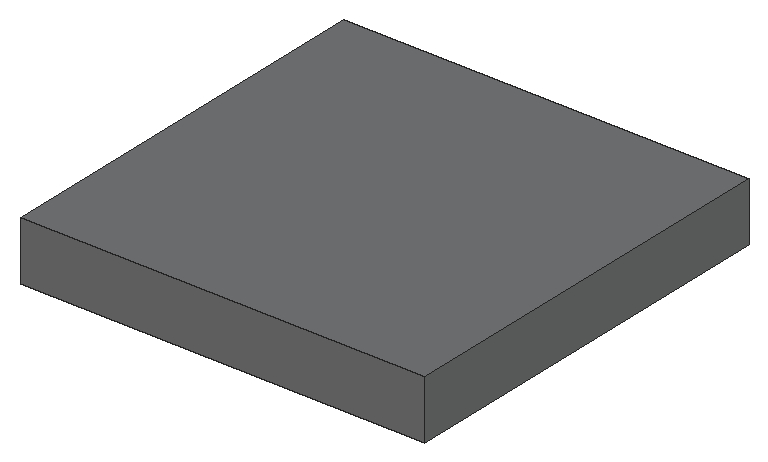
Revit family "Gira_027226", category Electrical Fixtures, host Face, Revit 2017
Family settings
  Host = Face
  Maintain Annotation Orientation = No
  Round Connector Dimension = Use Diameter
  Part Type = Normal
  Cut with Voids When Loaded = No
  Shared = No
  Room Calculation Point = No
Parameters (values of type "Abd. Tragring Geräte Ø 22,5 mm System 55 F Alu")
  Zusammenstellung = "Zentralplatte"
  Werkstoffgüte = "sonstige"
  Werkstoff = "sonstige"
  Verwendung = "sonstige"
  URL = "http://katalog.gira.de/de_DE/datenblatt.html?artikelnr=027226"
  Transparent = "No"
  Tragring = "Yes"
  Region = "DE"
  Oberfläche = "sonstige"
  Name = "Abd. Tragring Geräte Ø 22,5 mm System 55 F Alu"
  Montageart = "unter Putz"
  Mit Zugentlastung = "No"
  Mit Staubschutz = "No"
  Mit Klappdeckel = "No"
  Mit Aufdruck = "No"
  Manufacturer URL = "https://www.gira.de/"
  Lüsterklemme = "No"
  Keynote = "Sys55_Abdeckung_Schalten und Tasten"
  HeinzeBIM = "https://bimportal.heinze.de/bim/abd-tragring-geraete-22-5-mm-system-55-f-alu/e70af6b137afb5c75c1989e32f73902e8f51d2da"
  Halogenfrei = "No"
  HAN = "027226"
  Geeignet für Schutzart (IP) = "IP20"
  GTIN = "4010337272267"
  Farbe = "aluminium"
  Default Elevation = 1219.2 mm
  Data sheet (1) = "https://katalog.gira.de/de_DE/download.html?artikelnr=027226"
  Category = "Einsatz/Abdeckung für Kommunikationstechnik"
  Beschriftungsfeld = "ohne Beschriftungsfeld"
  Befestigungsart = "Befestigung mit Schraube"
  Available = "Yes"
  Ausführung der Oberfläche = "nicht zutreffend"
  Anthrazit [instance] = Anthrazit
Reference planes
  plane 1 "Center (Front/Back)": y = 0
  plane 2: z = 0
  plane 3 "Center (Left/Right)": x = 0
Forms (mm)
  Extrusion 1, solid, material "Anthrazit" <- "Anthrazit", detail levels fine
    sketch origin (0, 0, 0) x (1, 0, 0) y (0, 1, 0)
      loop
        line (-27.5, 27.5) -> (-27.5, -27.5) -> (27.5, -27.5) -> (27.5, 27.5) -> (-27.5, 27.5)
    from 0 to 8
  Extrusion 2, void
    sketch origin (0, 0, 0) x (1, 0, 0) y (0, 1, 0)
      loop
        line (26, 26) -> (-26, 26) -> (-26, -26) -> (26, -26) -> (26, 26)
    from 0 to 6
  Extrusion 3, solid, material "Anthrazit" <- "Anthrazit", detail levels medium
    sketch origin (0, 0, 0) x (1, 0, 0) y (0, 1, 0)
      loop
        line (-27.5, 27.5) -> (-27.5, -27.5) -> (27.5, -27.5) -> (27.5, 27.5) -> (-27.5, 27.5)
    from 0 to 8
  Extrusion 4, solid, material "Anthrazit" <- "Anthrazit", detail levels medium
    sketch origin (0, 0, 0) x (1, 0, 0) y (0, 1, 0)
      loop
        line (11, -17.5) -> (11, 17.5) -> (-11, 17.5) -> (-11, -17.5) -> (11, -17.5)
    from -6 to 6
  Extrusion 5, solid, material "Anthrazit" <- "Anthrazit", detail levels fine
    sketch origin (0, 0, 0) x (1, 0, 0) y (0, 1, 0)
      loop
        line (11, 17.5) -> (-11, 17.5) -> (-11, 16.5) -> (11, 16.5) -> (11, 17.5)
      loop
        line (-11, -16.5) -> (-11, -17.5) -> (11, -17.5) -> (11, -16.5) -> (-11, -16.5)
    from -4 to 6
  Extrusion 6, solid, material "Anthrazit" <- "Anthrazit", detail levels fine
    sketch origin (0, 0, 0) x (1, 0, 0) y (0, 1, 0)
      loop
        arc (5, 9.347) -> (0, 10.6) -> (-5, 9.347) r 10.6
        line (-5, 9.347) -> (-5, -9.347)
        arc (-5, -9.347) -> (0, -10.6) -> (5, -9.347) r 10.6
        line (5, -9.347) -> (5, 9.347)
    from -6 to 6
  Extrusion 7, solid, material "Anthrazit" <- "Anthrazit", detail levels coarse
    sketch origin (0, 0, 0) x (1, 0, 0) y (0, 1, 0)
      loop
        line (-27.5, 27.5) -> (-27.5, -27.5) -> (27.5, -27.5) -> (27.5, 27.5) -> (-27.5, 27.5)
    from -6 to 8
Cuts and joins
  Extrusion 2 cuts Extrusion 1
Dimensions and locks
  aligned and locked: plane 2 to host face
  aligned and locked: level to host face
